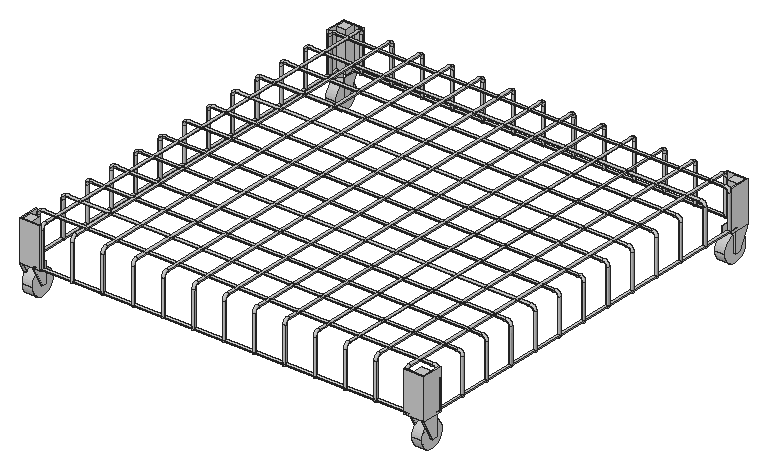
Revit family "GF", category Specialty Equipment, Revit 2012
Parameters (values of type "Rolling Wire Grid Flat (Default)")
  URL = "http://madixinc.com/display/freestanding.html"
  Model = "Rolling Wire Grid Flat"
  Manufacturer = "© 2012 Madix, Inc. All rights reserved."
Reference planes (in)
  plane 1 "Center (Front/Back)": y = 0
  plane 2: z = 0
  plane 3 "Center (Left/Right)": x = 0
  plane 4: x = -20
  plane 5: x = 20
  plane 6: y = 20
  plane 7: y = -20
  plane 8: z = 3
  plane 9: z = 7
  plane 10: x = -19.75
  plane 11: x = -18.75
  plane 12: x = -18.625
Forms (in)
  Extrusion 1, solid, material "Metal - Steel"
    sketch origin (0, 0, 0) x (1, 0, 0) y (0, 1, 0)
      loop
        line (-19.875, 19.875) -> (-19.875, 18.875) -> (-18.875, 18.875) -> (-18.875, 19.875) -> (-19.875, 19.875)
      loop
        line (19.875, 19.875) -> (18.875, 19.875) -> (18.875, 18.875) -> (19.875, 18.875) -> (19.875, 19.875)
      loop
        line (19.875, -19.875) -> (19.875, -18.875) -> (18.875, -18.875) -> (18.875, -19.875) -> (19.875, -19.875)
      loop
        line (-19.875, -19.875) -> (-18.875, -19.875) -> (-18.875, -18.875) -> (-19.875, -18.875) -> (-19.875, -19.875)
    from 3 to 7
  Extrusion 2, solid, material "Metal - Steel"
    sketch origin (0, 0, 0) x (1, 0, 0) y (0, 1, 0)
      loop
        line (-18, -20) -> (-18, -19.875) -> (-19.875, -19.875) -> (-19.875, -18) -> (-20, -18) -> (-20, -20) -> (-18, -20)
      loop
        line (18, -20) -> (20, -20) -> (20, -18) -> (19.875, -18) -> (19.875, -19.875) -> (18, -19.875) -> (18, -20)
      loop
        line (18, 20) -> (18, 19.875) -> (19.875, 19.875) -> (19.875, 18) -> (20, 18) -> (20, 20) -> (18, 20)
      loop
        line (-18, 20) -> (-20, 20) -> (-20, 18) -> (-19.875, 18) -> (-19.875, 19.875) -> (-18, 19.875) -> (-18, 20)
    from 3 to 7
  Sweep 3, solid, material "Metal - Steel"
    path origin (0, 0, 0) x (0, 1, 0) y (0, 0, 1)
      loop
        line (19.75, 3) -> (19.75, 6.625)
        arc (19.75, 6.625) -> (19.64017, 6.89017) -> (19.375, 7) r 0.375
        line (19.375, 7) -> (-19.375, 7)
        arc (-19.375, 7) -> (-19.64017, 6.89017) -> (-19.75, 6.625) r 0.375
        line (-19.75, 6.625) -> (-19.75, 3)
    profile origin (0, 19.75, 4.8125) x (0, -1, 0) y (1, 0, 0)
      loop
        circle (0, 0) r 0.125
      loop
        circle (0, 3) r 0.125
      loop
        circle (0, 6) r 0.125
      loop
        circle (0, 9) r 0.125
      loop
        circle (0, 12) r 0.125
      loop
        circle (0, 15) r 0.125
      loop
        circle (0, 18) r 0.125
      loop
        circle (0, -3) r 0.125
      loop
        circle (0, -6) r 0.125
      loop
        circle (0, -9) r 0.125
      loop
        circle (0, -12) r 0.125
      loop
        circle (0, -15) r 0.125
      loop
        circle (0, -18) r 0.125
  Sweep 4, solid, material "Metal - Steel"
    path origin (0, 0, 0) x (1, 0, 0) y (0, 0, 1)
      loop
        line (19.75, 3) -> (19.75, 6.625)
        arc (19.75, 6.625) -> (19.64017, 6.89017) -> (19.375, 7) r 0.375
        line (19.375, 7) -> (-19.375, 7)
        arc (-19.375, 7) -> (-19.64017, 6.89017) -> (-19.75, 6.625) r 0.375
        line (-19.75, 6.625) -> (-19.75, 3)
    profile origin (19.75, 0, 4.8125) x (-1, 0, 0) y (0, -1, 0)
      loop
        circle (0, 0) r 0.125
      loop
        circle (0, 3) r 0.125
      loop
        circle (0, 6) r 0.125
      loop
        circle (0, 9) r 0.125
      loop
        circle (0, 12) r 0.125
      loop
        circle (0, 15) r 0.125
      loop
        circle (0, 18) r 0.125
      loop
        circle (0, -3) r 0.125
      loop
        circle (0, -6) r 0.125
      loop
        circle (0, -9) r 0.125
      loop
        circle (0, -12) r 0.125
      loop
        circle (0, -15) r 0.125
      loop
        circle (0, -18) r 0.125
  Extrusion 5, solid, material "Metal - Steel"
    sketch origin (0, 0, 0) x (1, 0, 0) y (0, 0, 1)
      loop
        circle (-19.75, 3.125) r 0.125
      loop
        circle (19.75, 3.125) r 0.125
    from -18.875 to 18.875
  Extrusion 6, solid, material "Metal - Steel"
    sketch origin (0, 0, 0) x (0, 1, 0) y (0, 0, 1)
      loop
        circle (-19.75, 3.125) r 0.125
      loop
        circle (19.75, 3.125) r 0.125
    from -18.875 to 18.875
  Extrusion 7, solid, material "Metal - Steel"
    sketch origin (0, 0, 0) x (0, 1, 0) y (0, 0, 1)
      loop
        circle (18.75, 1.25) r 1.25
      loop
        circle (-18.75, 1.25) r 1.25
    from -19.75 to -18.75
  Extrusion 8, solid, material "Metal - Steel"
    sketch origin (0, 0, 0) x (0, 1, 0) y (0, 0, -1)
      loop
        circle (18.75, -1.25) r 1.25
      loop
        circle (-18.75, -1.25) r 1.25
    from -19.75 to -18.75
  Extrusion 9, solid, material "Metal - Steel"
    sketch origin (0, 0, 0) x (0, 1, 0) y (0, 0, 1)
      loop
        line (18.75, 1) -> (19, 1) -> (20, 3) -> (18.5, 3) -> (18.5, 1) -> (18.75, 1)
      loop
        line (-18.75, 1) -> (-18.5, 1) -> (-18.5, 3) -> (-20, 3) -> (-19, 1) -> (-18.75, 1)
    from -20 to -19.75
  Extrusion 10, solid, material "Metal - Steel"
    sketch origin (-39.5, 0, 0) x (0, 1, 0) y (0, 0, -1)
      loop
        line (18.75, -1) -> (18.5, -1) -> (18.5, -3) -> (20, -3) -> (19, -1) -> (18.75, -1)
      loop
        line (-18.75, -1) -> (-19, -1) -> (-20, -3) -> (-18.5, -3) -> (-18.5, -1) -> (-18.75, -1)
    from -20.875 to -20.75
  Extrusion 11, solid, material "Metal - Steel"
    sketch origin (39.5, 0, 0) x (0, 1, 0) y (0, 0, 1)
      loop
        line (18.75, 1) -> (19, 1) -> (20, 3) -> (18.5, 3) -> (18.5, 1) -> (18.75, 1)
      loop
        line (-18.75, 1) -> (-18.5, 1) -> (-18.5, 3) -> (-20, 3) -> (-19, 1) -> (-18.75, 1)
    from -20.875 to -20.75
  Extrusion 12, solid, material "Metal - Steel"
    sketch origin (0, 0, 0) x (0, 1, 0) y (0, 0, -1)
      loop
        line (18.75, -1) -> (18.5, -1) -> (18.5, -3) -> (20, -3) -> (19, -1) -> (18.75, -1)
      loop
        line (-18.75, -1) -> (-19, -1) -> (-20, -3) -> (-18.5, -3) -> (-18.5, -1) -> (-18.75, -1)
    from -20 to -19.75
Dimensions and locks (in)
  aligned and locked: level to plane 2
